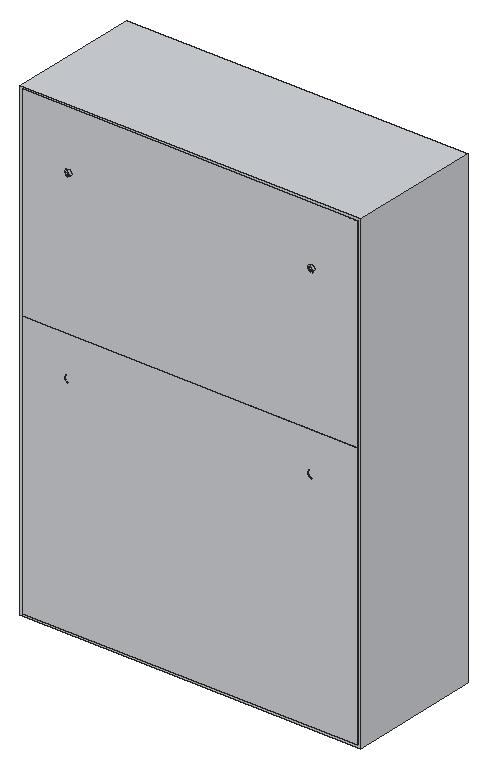
Revit family "AX8408_0013", category Appareils sanitaires, Revit 2016
Family settings
  Hôte = Mur
  Type d'élément = Normal
  Cote de connecteur circulaire = Utiliser le diamètre
  Numéro OmniClass = 23.75.00.00
  Titre OmniClass = Climate Control (HVAC)
  Toujours verticalement = Oui
  Couper avec des vides une fois chargée = Non
  Partagée = Non
  Point de calcul de pièce = Non
Parameters (values of type "Type 1")
  URL = "http://www.axeuro.com/fr/hygiene-feminine/24497-poubelle-hygiene-feminine-ax8408.html?search_query=ax8408&results=1"
  Type de produit / Type of product = "Poubelle pour hygiène féminine / Feminine hygiene waste receptacle"  # constant formula
  Référence / Reference = "AX8408"  # constant formula
  Model = ""
  Manufacturer = ""
  Entreprise / Company = "Axeuro"  # constant formula
  Description = ""
Reference planes
  plane 1 "Mur": y = 0
  plane 2 "Centre (gauche/droite)": x = 0
  plane 3 "Arrière": y = 75
Forms (mm)
  Extrusion 1, solid
    sketch origin (15.364, 75, 32.766) x (1, 0, 0) y (0, 0, 1)
      loop
        line (124.636, 467.234) -> (-155.364, 467.234) -> (-155.364, 77.234) -> (124.636, 77.234) -> (124.636, 467.234)
      loop
        line (122.836, 465.434) -> (-153.564, 465.434) -> (-153.564, 79.034) -> (122.836, 79.034) -> (122.836, 465.434)
    from -110 to 0
  Extrusion 2, solid
    sketch origin (-1, 0, 32.766) x (0, 1, 0) y (0, 0, 1)
      loop
        line (75, 467.234) -> (75, 77.234) -> (76.843, 77.234) -> (76.843, 467.234) -> (75, 467.234)
    from -139 to 141
  Extrusion 3, solid
    sketch origin (15.364, 75, 32.766) x (1, 0, 0) y (0, 0, 1)
      loop
        line (122.836, 465.434) -> (-153.564, 465.434) -> (-153.564, 298.234) -> (122.836, 298.234) -> (122.836, 465.434)
    from -110 to 0
  Extrusion 4, solid
    sketch origin (15.364, 75, -184.637) x (1, 0, 0) y (0, 0, 1)
      loop
        line (122.836, 515.637) -> (-153.564, 515.637) -> (-153.564, 296.437) -> (122.836, 296.437) -> (122.836, 515.637)
    from -110 to 0
  Extrusion 5, void
    sketch origin (9.008, 0, 2.737) x (1, 0, 0) y (0, 0, 1)
      loop
        circle (-109.008, 447.263) r 3
    from -76.843 to -75
  Extrusion 6, solid, not visible
    sketch origin (0, 75, 32.766) x (1, 0, 0) y (0, 0, 1)
      loop
        line (124.636, 467.234) -> (-157.364, 467.234) -> (-157.364, 77.234) -> (124.636, 77.234) -> (124.636, 467.234)
      loop
        line (122.836, 465.434) -> (-155.564, 465.434) -> (-155.564, 79.034) -> (122.836, 79.034) -> (122.836, 465.434)
    from -110 to 0
  Extrusion 7, solid, not visible
    sketch origin (0, 0, 32.766) x (0, 1, 0) y (0, 0, 1)
      loop
        line (75, 467.234) -> (75, 77.234) -> (76.843, 77.234) -> (76.843, 467.234) -> (75, 467.234)
    from -157.364 to 124.636
  Extrusion 8, solid, not visible
    sketch origin (0, 75, 32.766) x (1, 0, 0) y (0, 0, 1)
      loop
        line (122.836, 465.434) -> (-155.564, 465.434) -> (-155.564, 296.437) -> (122.836, 296.437) -> (122.836, 465.434)
    from -110 to 0
  Extrusion 9, solid, not visible
    sketch origin (0, 75, -184.637) x (1, 0, 0) y (0, 0, 1)
      loop
        line (122.836, 513.841) -> (-155.564, 513.841) -> (-155.564, 296.437) -> (122.836, 296.437) -> (122.836, 513.841)
    from -110 to 0
  Extrusion 10, solid, not visible
    sketch origin (-17.336, 75, 48.525) x (1, 0, 0) y (0, 0, 1)
      loop
        circle (-91.889, 325.864) r 19.45
    from -110.457 to -110
  Extrusion 11, void, not visible
    sketch origin (-11.211, 0, 5.271) x (1, 0, 0) y (0, 0, 1)
      loop
        circle (-109.008, 447.263) r 3
    from -76.843 to -75
  Extrusion 12, solid, not visible
    sketch origin (0, 75, 32.766) x (1, 0, 0) y (0, 0, 1)
      loop
        line (124.636, 467.234) -> (-157.364, 467.234) -> (-157.364, 77.234) -> (124.636, 77.234) -> (124.636, 467.234)
      loop
        line (122.836, 465.434) -> (-155.564, 465.434) -> (-155.564, 79.034) -> (122.836, 79.034) -> (122.836, 465.434)
    from -110 to 0
  Extrusion 13, solid, not visible
    sketch origin (0, 75, 32.766) x (1, 0, 0) y (0, 0, 1)
      loop
        line (122.836, 465.434) -> (-155.564, 465.434) -> (-155.564, 296.437) -> (122.836, 296.437) -> (122.836, 465.434)
    from -110 to 0
  Extrusion 14, solid, not visible
    sketch origin (0, 75, -184.637) x (1, 0, 0) y (0, 0, 1)
      loop
        line (122.836, 513.841) -> (-155.564, 513.841) -> (-155.564, 296.437) -> (122.836, 296.437) -> (122.836, 513.841)
    from -110 to 0
  Extrusion 15, solid, not visible
    sketch origin (-17.336, 75, 48.525) x (1, 0, 0) y (0, 0, 1)
      loop
        circle (-91.889, 325.864) r 19.45
    from -110.457 to -110
  Extrusion 16, void, not visible
    sketch origin (-11.211, 0, 5.271) x (1, 0, 0) y (0, 0, 1)
      loop
        circle (-109.008, 447.263) r 3
    from -76.843 to -75
  Extrusion 17, void
    sketch origin (-9.008, 0, 2.737) x (-1, 0, 0) y (0, 0, -1)
      loop
        circle (-109.008, -447.263) r 3
    from -76.843 to -75
  Extrusion 18, void
    sketch origin (9.008, 0, -149.236) x (1, 0, 0) y (0, 0, 1)
      loop
        circle (-109.008, 447.263) r 3
    from -76.843 to -75
  Extrusion 19, void
    sketch origin (-9.008, 0, -149.236) x (-1, 0, 0) y (0, 0, -1)
      loop
        circle (-109.008, -447.263) r 3
    from -76.843 to -75
  Sweep 20, solid
    path origin (0, 74.92, -9.647) x (1, 0, 0) y (0, 0, 1)
      loop
        circle (0, 292.183) r 7.9
    profile origin (0, 74.92, 274.635) x (0, 0, 1) y (0, -1, 0)
      loop
        line (0.02, -110.08) -> (-3.566, -110.08)
        arc (-3.566, -110.08) -> (-2.623, -113.276) -> (0.02, -115.306) r 5.389
        line (0.02, -115.306) -> (0.02, -110.08)
  Extrusion 21, solid
    sketch origin (7.88, 75, 1.838) x (1, 0, 0) y (0, 0, 1)
      loop
        circle (-7.88, 280.697) r 7.9
    from -115.226 to -110
  Extrusion 22, void
    sketch origin (0, 75, 1.838) x (1, 0, 0) y (0, 0, 1)
      loop
        line (1.292, 286.514) -> (-1.316, 286.514) -> (-1.316, 274.878) -> (1.292, 274.878) -> (1.292, 286.514)
    from -115.226 to -113.463
  Extrusion 23, solid
    sketch origin (-16.986, 75, 4.77) x (1, 0, 0) y (0, 0, 1)
      loop
        circle (-76.764, 371.28) r 19.45
    from -110.997 to -110
Cuts and joins
  Extrusion 17, Extrusion 18, Extrusion 19, Extrusion 22 cuts Extrusion 1
  Extrusion 5, Extrusion 17, Extrusion 18, Extrusion 19, Extrusion 22 cuts Extrusion 2
  joined: Extrusion 1, Extrusion 2
  Extrusion 5, Extrusion 17, Extrusion 18, Extrusion 19 cuts Extrusion 3
  Extrusion 22 cuts Extrusion 4
  Extrusion 22 cuts Extrusion 21
Text (mm)
  text "Côté de la mise en place" at (-1820.995, 1116.779, 0), in view "Niveau de réf."
  text "Côté de la mise en place" at (0, 1334.055, 2976.191), in view "Gauche"
  text "Côté de la mise en place" at (0, 439.194, 2944.362), in view "Droite"
Dimensions and locks
  host wall to plane 3 "Arrière" = 75 mm
  aligned and locked: plane 1 "Mur" to host wall
